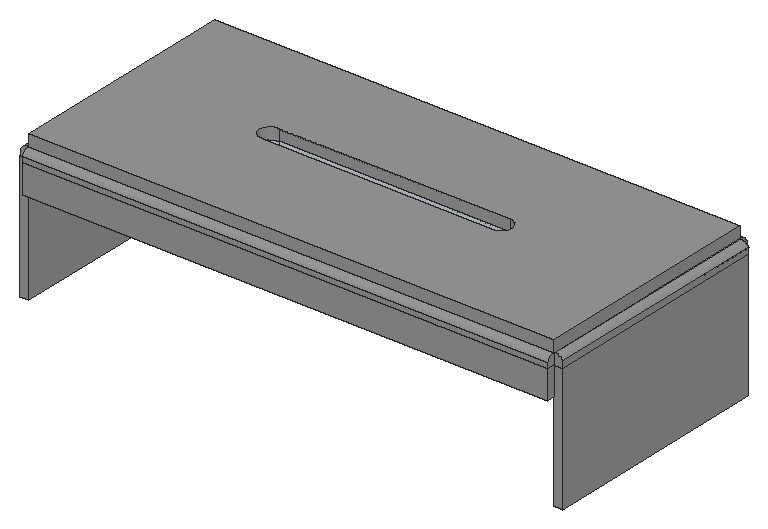
Revit family "Schnurauslass- SA UDHOME9 V", category Generic Models, Revit 2017
Family settings
  Can host rebar = No
  Round Connector Dimension = Use Diameter
  Part Type = Normal
  Work Plane-Based = No
  Always vertical = Yes
  Cut with Voids When Loaded = No
  Shared = No
  Room Calculation Point = No
Parameters (values of type "SA UDHOME9 V")
  URL = "http://www.obo-bettermann.com"
  Material = Stainless steel, rustproof 1.4301
  Manufacturer Art.No. = "7368427"
  Manufacturer = "OBO BETTERMANN"
  GTIN = "4012196689835"
  Article Type = "SA UDHOME9 V"
Reference planes
  plane 1 "Center (Front/Back)": y = 0
  plane 2: z = 0
  plane 3 "Center (Left/Right)": x = 0
  plane 4: z = 2
  plane 5: y = 16.4
  plane 6: x = 46
  plane 7: x = 33.5
  plane 8: x = 58.5
  plane 9: x = 68.5
  plane 10: x = 23.5
  plane 11: y = 21.9
  plane 12: y = 10.9
  plane 13: y = 18.9
  plane 14: y = 13.881
  plane 15: y = 20.8
  plane 16: y = 20.8
  plane 17: x = 46
  plane 18: x = 78.5
  plane 19: x = 13.5
  plane 20: z = -22.1
  plane 21: y = -1.414
  plane 22: y = 42.1
  plane 23: y = 20.555
  plane 24: x = 45.994
  plane 25: x = 23.944
  plane 26: x = 68.044
  plane 27: x = 45.991
Forms (mm)
  Extrusion 1, solid
    sketch origin (0, 0, 0) x (1, 0, 0) y (0, 1, 0)
      loop
        line (2, 0) -> (89.989, 0)
        arc (89.989, 0) -> (91.403, 0.586) -> (91.989, 2) r 2
        line (91.989, 2) -> (91.989, 40.6) -> (0, 40.6) -> (0, 2)
        arc (0, 2) -> (0.586, 0.586) -> (2, 0) r 2
    from 0 to 2
  Extrusion 2, void
    sketch origin (0, 0, 0) x (1, 0, 0) y (0, 1, 0)
      loop
        line (23.5, 18.9) -> (23.5, 13.881) -> (33.5, 13.881) -> (33.5, 10.9) -> (58.5, 10.9) -> (58.5, 13.881) -> (68.5, 13.881) -> (68.5, 18.9) -> (58.5, 18.9) -> (58.5, 21.9) -> (33.5, 21.9) -> (33.5, 18.9) -> (23.5, 18.9)
    from 0 to 2
  Extrusion 3, void
    sketch origin (0, 0, 0) x (1, 0, 0) y (0, 1, 0)
      loop
        circle (78.5, 20.8) r 3.478
      loop
        circle (13.367, 20.8) r 3.46
    from 0 to 2
  Extrusion 4, solid, material "Stainless steel, rustproof 1.4301" <- "Material"
    sketch origin (0, 0, 0) x (1, 0, 0) y (0, 0, 1)
      loop
        arc (93.494, 1.201) -> (92.866, 1.828) -> (91.994, 1.99) r 1.5
        line (91.994, 1.99) -> (91.994, 0) -> (93.494, 0) -> (93.494, 1.201)
      loop
        arc (0, 1.988) -> (-0.877, 1.792) -> (-1.496, 1.141) r 1.543
        line (-1.496, 1.141) -> (-1.496, 0) -> (0, 0) -> (0, 1.988)
    from -40.6 to 0
  Extrusion 5, solid, material "Stainless steel, rustproof 1.4301" <- "Material"
    sketch origin (0, 0, 0) x (0, 1, 0) y (0, 0, 1)
      loop
        line (40.6, 2.001) -> (40.6, 0) -> (42.1, 0) -> (42.1, 1.019)
        arc (42.1, 1.019) -> (41.513, 1.759) -> (40.6, 2.001) r 1.498
      loop
        arc (0, 2.001) -> (-0.866, 1.725) -> (-1.414, 1.001) r 1.5
        line (-1.414, 1.001) -> (-1.414, 0) -> (0, 0) -> (0, 2.001)
    from 0 to 91.989
  Extrusion 6, solid, material "Stainless steel, rustproof 1.4301" <- "Material"
    sketch origin (0, 0, 0) x (1, 0, 0) y (0, 0, 1)
      loop
        line (0, 0) -> (0, -4.888) -> (91.994, -4.888) -> (91.994, 0) -> (0, 0)
    from 0 to 1.414
  Extrusion 7, solid
    sketch origin (0, 0, 0) x (1, 0, 0) y (0, 0, 1)
      loop
        line (91.994, 0) -> (0, 0) -> (0, -13.5) -> (91.994, -13.5) -> (91.994, 0)
    from -42.1 to -40.6
  Extrusion 8, solid, material "Stainless steel, rustproof 1.4301" <- "Material"
    sketch origin (0, 0, 0) x (1, 0, 0) y (0, 1, 0)
      loop
        line (91.989, 40.6) -> (91.989, 0) -> (93.494, 0) -> (93.494, 40.6) -> (91.989, 40.6)
    from -22.1 to 0
  Extrusion 9, solid, material "Stainless steel, rustproof 1.4301" <- "Material"
    sketch origin (0, 0, 0) x (0, 1, 0) y (0, 0, 1)
      loop
        line (-0.045, 2) -> (40.6, 2) -> (40.6, 4.001) -> (-0.045, 4.001) -> (-0.045, 2)
    from 0 to 91.989
  Extrusion 10, void
    sketch origin (0, 0, 0) x (1, 0, 0) y (0, 1, 0)
      loop
        arc (25.775, 22.488) -> (23.875, 20.588) -> (25.775, 18.688) r 1.9
        line (25.775, 18.688) -> (66.207, 18.688)
        arc (66.207, 18.688) -> (68.107, 20.588) -> (66.207, 22.488) r 1.9
        line (66.207, 22.488) -> (25.775, 22.488)
    from 0 to 4.001
  Extrusion 11, solid, material "Stainless steel, rustproof 1.4301" <- "Material"
    sketch origin (91.982, 0, 0) x (-1, 0, 0) y (0, -1, 0)
      loop
        line (91.989, -40.6) -> (93.494, -40.6) -> (93.494, 0) -> (91.989, 0) -> (91.989, -40.6)
    from -22.1 to 0
Cuts and joins
  Extrusion 2, Extrusion 3, Extrusion 10 cuts Extrusion 1
  Extrusion 10 cuts Extrusion 9
Dimensions and locks
  locked: Extrusion 1 sketch curve to Extrusion 1 sketch curve at 40.6
  locked: Extrusion 1 sketch curve to Extrusion 1 sketch curve at 91.989
  locked: plane 4 to Extrusion 1 at 2
  locked: Extrusion 1 to plane 5 at 16.4
  locked: Extrusion 1 to plane 6 at 46
  locked: Extrusion 2 sketch curve to Extrusion 2 sketch curve at 11
  locked: Extrusion 2 sketch curve to Extrusion 2 sketch curve at 25  (x2)
  locked: Extrusion 2 sketch curve to Extrusion 2 sketch curve at 45
  locked: Extrusion 2 sketch curve to Extrusion 2 sketch curve at 5.019  (x2)
  locked: Extrusion 1 to Extrusion 2 sketch curve at 10.9
  locked: cut or joined group of Extrusion 1, Extrusion 2, Extrusion 3, Extrusion 10 to plane 16 at 20.8
  locked: cut or joined group of Extrusion 1, Extrusion 2, Extrusion 3, Extrusion 10 to plane 17 at 46
  locked: Extrusion 4 sketch curve to Extrusion 4 sketch curve at 1.5
  locked: Extrusion 5 sketch curve to Extrusion 5 sketch curve at 2.001  (x2)
  locked: Extrusion 4 to Extrusion 5 sketch curve at 1.5
  locked: Extrusion 5 sketch curve to Extrusion 4 at 1.414
  locked: Extrusion 5 to Extrusion 6 sketch curve at 4.888
  locked: Extrusion 6 sketch curve to Extrusion 6 sketch curve at 91.994
  locked: Extrusion 7 sketch curve to Extrusion 5 at 13.5
  locked: Extrusion 7 sketch curve to Extrusion 7 sketch curve at 91.994
  locked: Extrusion 4 to Extrusion 4 at 1.5
  Extrusion 4 to Extrusion 4 = 40.6 mm
  locked: cut or joined group of Extrusion 1, Extrusion 2, Extrusion 3, Extrusion 10 to plane 20 at 24.1
  locked: Extrusion 9 sketch curve to cut or joined group of Extrusion 1, Extrusion 2, Extrusion 3, Extrusion 10 at 2.001
  locked: Extrusion 9 sketch curve to Extrusion 9 sketch curve at 40.645
  locked: Extrusion 9 to plane 23 at 20.6
  locked: Extrusion 9 to plane 24 at 45.994
  locked: Extrusion 10 sketch curve to Extrusion 10 sketch curve at 3.8
  locked: plane 23 to Extrusion 10 sketch curve at 1.867
  locked: plane 24 to Extrusion 10 sketch curve at 22.112
  locked: Extrusion 10 sketch curve to plane 24 at 22.12
  aligned and locked: level to plane 2
  aligned and locked: plane 1 "Center (Front/Back)" to Extrusion 1
  aligned and locked: Extrusion 1 to plane 3 "Center (Left/Right)"
  aligned and locked: Extrusion 1 to plane 4
  aligned and locked: Extrusion 2 to level
  aligned and locked: Extrusion 1 to Extrusion 2
  aligned and locked: plane 16 to plane 15
  aligned and locked: Extrusion 3 to level
  aligned and locked: Extrusion 1 to Extrusion 3
  aligned and locked: Extrusion 4 to cut or joined group of Extrusion 1, Extrusion 2, Extrusion 3, Extrusion 10
  aligned and locked: Extrusion 4 to level  (x2)
  aligned and locked: plane 1 "Center (Front/Back)" to Extrusion 4
  aligned and locked: Extrusion 5 to level  (x2)
  aligned and locked: Extrusion 5 to cut or joined group of Extrusion 1, Extrusion 2, Extrusion 3, Extrusion 10
  aligned and locked: Extrusion 5 to Extrusion 6 sketch curve
  aligned and locked: Extrusion 6 sketch curve to level
  aligned and locked: level to Extrusion 6
  aligned and locked: Extrusion 5 to Extrusion 6
  aligned and locked: level to Extrusion 7
  aligned and locked: Extrusion 7 to cut or joined group of Extrusion 1, Extrusion 2, Extrusion 3, Extrusion 10
  aligned and locked: Extrusion 8 to cut or joined group of Extrusion 1, Extrusion 2, Extrusion 3, Extrusion 10
  aligned and locked: plane 1 "Center (Front/Back)" to Extrusion 8
  aligned and locked: level to Extrusion 8
  aligned and locked: Extrusion 8 to plane 20
  aligned and locked: Extrusion 9 to plane 4
  aligned and locked: cut or joined group of Extrusion 1, Extrusion 2, Extrusion 3, Extrusion 10 to Extrusion 9
  aligned and locked: Extrusion 9 to cut or joined group of Extrusion 1, Extrusion 2, Extrusion 3, Extrusion 10
  aligned and locked: Extrusion 9 to plane 3 "Center (Left/Right)"
  aligned and locked: Extrusion 10 to level
  aligned and locked: cut or joined group of Extrusion 9, Extrusion 10 to Extrusion 10
Automatic sketch dimensions
  Extrusion 1 sketch curve to plane 3 "Center (Left/Right)" = 0 mm
  plane 1 "Center (Front/Back)" to Extrusion 1 sketch curve = 0 mm
  Extrusion 1 sketch curve to plane 1 "Center (Front/Back)" = 2 mm
  Extrusion 1 sketch curve to Extrusion 1 sketch curve = 2 mm
  Extrusion 2 sketch curve to plane 10 = 0 mm
  Extrusion 2 sketch curve to plane 7 = 0 mm  (x2)
  Extrusion 2 sketch curve to plane 14 = 0 mm
  plane 14 to Extrusion 2 sketch curve = 0 mm
  Extrusion 3 sketch curve to plane 15 = 0 mm
  plane 15 to Extrusion 3 sketch curve = 0 mm
  Extrusion 3 sketch curve to plane 18 = 0 mm
  Extrusion 3 sketch curve to plane 19 = 0.133 mm
  Extrusion 4 sketch curve to level = 0 mm  (x2)
  Extrusion 4 sketch curve to plane 3 "Center (Left/Right)" = 0 mm
  Extrusion 4 sketch curve to plane 3 "Center (Left/Right)" = 0.117 mm
  Extrusion 4 sketch curve to plane 4 = 0.859 mm
  Extrusion 4 sketch curve to plane 3 "Center (Left/Right)" = 1.496 mm
  Extrusion 4 sketch curve to plane 4 = 0.01 mm
  Extrusion 4 sketch curve to plane 27 = 46.003 mm
  Extrusion 4 sketch curve to Extrusion 4 sketch curve = 0.174 mm
  level to Extrusion 4 sketch curve = 0.45 mm
  level to Extrusion 4 sketch curve = 0.501 mm
  Extrusion 5 sketch curve to level = 0 mm  (x2)
  Extrusion 5 sketch curve to plane 1 "Center (Front/Back)" = 0 mm
  Extrusion 5 sketch curve to Extrusion 5 sketch curve = 1.5 mm
  Extrusion 5 sketch curve to Extrusion 5 sketch curve = 0.092 mm
  level to Extrusion 5 sketch curve = 0.501 mm
  level to Extrusion 5 sketch curve = 0.505 mm
  Extrusion 7 sketch curve to level = 0 mm
  Extrusion 7 sketch curve to plane 3 "Center (Left/Right)" = 0 mm
  plane 1 "Center (Front/Back)" to Extrusion 8 sketch curve = 0 mm
  Extrusion 8 sketch curve to plane 27 = 45.998 mm
  Extrusion 8 sketch curve to Extrusion 8 sketch curve = 1.505 mm
  Extrusion 8 sketch curve to plane 1 "Center (Front/Back)" = 40.6 mm
  Extrusion 9 sketch curve to plane 4 = 0 mm
  plane 1 "Center (Front/Back)" to Extrusion 9 sketch curve = 0.045 mm
  plane 1 "Center (Front/Back)" to Extrusion 11 sketch curve = 0 mm
  plane 3 "Center (Left/Right)" to Extrusion 11 sketch curve = 0.007 mm
  Extrusion 11 sketch curve to Extrusion 11 sketch curve = 1.505 mm
  Extrusion 11 sketch curve to Extrusion 11 sketch curve = 40.6 mm
  radius of Extrusion 3 sketch curve = 3.478 mm
  radius of Extrusion 3 sketch curve = 3.46 mm
